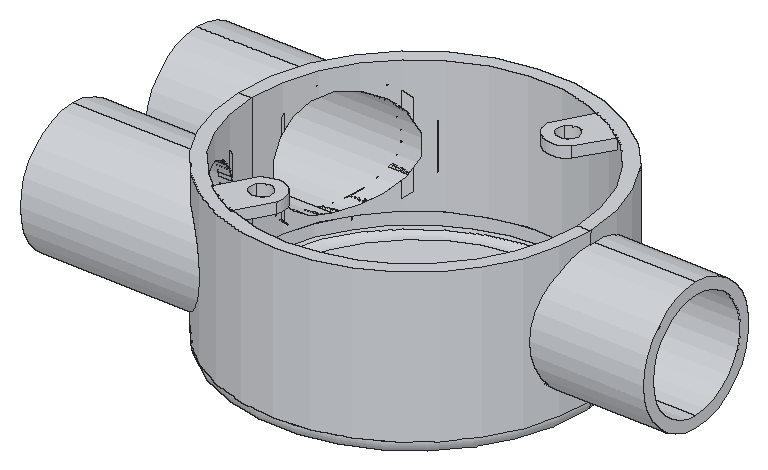
Revit family "CL7G", category Generic Models, Revit 2017
Family settings
  Can host rebar = No
  Round Connector Dimension = Use Diameter
  Part Type = Normal
  Work Plane-Based = Yes
  Always vertical = No
  Cut with Voids When Loaded = No
  Shared = No
  Room Calculation Point = No
Parameters (values of type "NBS Standard Parameters")
  Weight = "0.296Kg"
  WarrantyStartDate [instance] = "1900-12-31T23:59:59"
  WarrantyGuarantorParts = "n/a"
  WarrantyGuarantorLabor = "n/a"
  WarrantyDurationUnit = "1 year"
  WarrantyDurationParts = "n/a"
  WarrantyDurationLabor = "n/a"
  WarrantyDescription = "n/a"
  Version = "1"
  Uniclass2 = "Pr_65_70_11_20"
  TagNumber [instance] = "n/a"
  SustainabilityPerformance = "n/a"
  Size = "20mm"
  Shape = "Circular"
  SerialNumber [instance] = "n/a"
  Revision = "n/a"
  ReplacementCost = "n/a"
  ProductInformation = ""
  NominalWidth = 60 mm
  NominalLength = 60 mm
  NominalHeight = 30 mm
  Name = ""
  NBSTypeID = ""
  NBSReference = "90-55-10/460"
  NBSOfficeMasterTag = ""
  NBSNote = ""
  NBSDescription = "Conduit Fittings"
  NBSCertification = ""
  ModelReference = "CL7G"
  ModelNumber = "n/a"
  Material = "Malleable Iron"
  ManufacturerURL = "www.metpro.co.uk"
  ManufacturerName = "Metpro Ltd"
  Keynote = ""
  InstallationDate [instance] = "1900-12-31T23:59:59"
  IfcExportType = ""
  IfcExportAs = ""
  Grade = "n/a"
  Finish = "Galvanised"
  Features = "n/a"
  ExpectedLife = "n/a"
  DurationUnit = "year"
  Description = "CL7G - 20mm Y Malleable Conduit Box-Conlok"
  Default Elevation = 1219.2 mm
  Constituents = "n/a"
  Color = "n/a"
  CodePerformance = "n/a"
  Category = "n/a"
  BarCode [instance] = "n/a"
  BIMObjectName = "Metpro_Metprolibrary_Conduitfittings_Metalcomponent_Malleablecircularbox"
  Author = "Metpro Ltd"
  AssetType = ""
  AssetIdentifier [instance] = "n/a"
  AccessibilityPerformance = "n/a"
Reference planes
  plane 1 "Center (Front/Back)": y = 0
  plane 2: z = 0
  plane 3 "Center (Left/Right)": x = 0
Forms (mm)
  Revolve 1, solid
    sketch origin (-59.718, 21.96, -25.271) x (1, 0, 0) y (0, 0, 1)
      loop
        line (-32.5, 40.541) -> (-32.5, 12.5)
        arc (-32.5, 12.5) -> (-31.768, 10.732) -> (-30, 10) r 2.5
        line (-30, 10) -> (0, 10) -> (0, 12.541) -> (-27, 12.541)
        arc (-27, 12.541) -> (-29.121, 13.42) -> (-30, 15.541) r 3
        line (-30, 15.541) -> (-30, 40.541) -> (-32.5, 40.541)
      axis (0, 10) -> (0, 40.541)
    angle from 0 to 360
  Extrusion 2, void
    sketch origin (-59.718, 21.96, -25.271) x (0, 0, 1) y (0, -1, 0)
      loop
        circle (26.504, 14.543) r 10
      loop
        circle (26.504, -14.207) r 10
    from -49.218 to -16.007
  Extrusion 3, solid
    sketch origin (-61.218, 21.96, -24.021) x (0, 0, 1) y (0, 1, 0)
      loop
        circle (25.254, 14.207) r 10
      loop
        circle (25.254, 14.207) r 12
      loop
        circle (25.254, -14.543) r 10
      loop
        circle (25.254, -14.543) r 12
    from 14.507 to 50
  Extrusion 4, solid
    sketch origin (-59.718, 21.96, -25.271) x (0, 0, 1) y (0, -1, 0)
      loop
        circle (26.504, -0.457) r 12
      loop
        circle (26.504, -0.457) r 10
    from 28.128 to 51.5
  Extrusion 5, solid
    sketch origin (-59.618, 22.334, 15.271) x (0.5, 0.866025, 0) y (-0.866025, 0.5, 0)
      loop
        arc (-23.125, -3.889) -> (-20.062, 0) -> (-23.125, 3.889) r 4
        line (-23.125, 3.889) -> (-30.177, 3.889)
        arc (-30.177, 3.889) -> (-30.458, 0.002) -> (-30.233, -3.889) r 30
        line (-30.233, -3.889) -> (-23.125, -3.889)
      loop
        circle (-24.062, 0) r 2
    from -2 to 0
  Extrusion 6, solid
    sketch origin (-59.818, 21.586, 15.271) x (-0.5, -0.866025, 0) y (0.866025, -0.5, 0)
      loop
        arc (-23.125, -3.889) -> (-20.063, 0) -> (-23.125, 3.889) r 4
        line (-23.125, 3.889) -> (-30.161, 3.889)
        arc (-30.161, 3.889) -> (-30.414, 0) -> (-30.161, -3.889) r 30
        line (-30.161, -3.889) -> (-23.125, -3.889)
      loop
        circle (-24.062, 0) r 2
    from -2 to 0
  Extrusion 7, void
    sketch origin (-8.218, 21.96, -25.271) x (0, 0, -1) y (0, -1, 0)
      loop
        circle (-26.504, -0.457) r 10
    from 0 to 25.284
  Extrusion 8, void
    sketch origin (-59.718, 21.96, 15.271) x (-1, 0, 0) y (0, 1, 0)
      loop
        circle (0, 0) r 30
    from 0 to 27.278
Cuts and joins
  Extrusion 2, Extrusion 7, Extrusion 8 cuts Revolve 1
  Extrusion 2, Extrusion 7, Extrusion 8 cuts Extrusion 3
  Extrusion 7, Extrusion 8 cuts Extrusion 4
Dimensions and locks
  aligned and locked: level to plane 2
